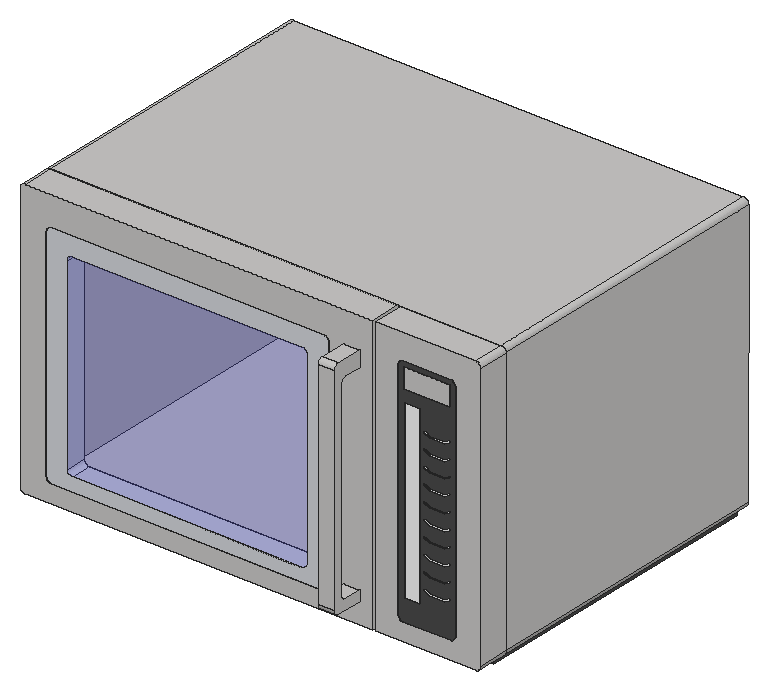
Revit family
Parameters (values of type "RCS10TS")
  Weight in Pounds = 41
  Watts = 1550 W
  Watermarked By = "http://revitwatermark.com"
  Volts = 120 V
  URL Manufacturer = ""
  URL Cutsheet = ""
  URL = "www.acpsolutions.com"
  Status [instance] = ""
  Specification by User [instance] = ""
  Specification by Manufacturer = ""
  Serial Number = ""
  Seismic Rating [instance] = ""
  SMACNA No [instance] = ""
  Revision Code [instance] = ""
  Phase = 1
  Omniclass Number and Title = ""
  Number of Poles [instance] = 1
  NAFEM Spec ID Number = ""
  Model = "RCS10TS"
  Masterspec = ""
  Manufacturer = "Amana"
  Item Number [instance] = "-"
  Installed By [instance] = ""
  Furnished By [instance] = ""
  Foodservice Equipment Identifier [instance] = yes
  FL Amps = 13 A
  Electrical Remarks [instance] = ""
  Electric Connection Type [instance] = ""
  Elec Conn RI Height [instance] = 0' - 0"
  Elec Conn Connection Height = 1' - 1 1/4"
  Description = "Microwave Oven"
  Cycle = 60 Hz
  Conn Plug = "NEMA 5-15"
  CSI MasterFormat = "11 44 16"
  Assembly Code = "E1090320"
  Apparent Power = if(Phase = 3, Volts * FL Amps * 1.73, Volts * FL Amps)  # 1560 VA
Values of the unnamed type that differ from the named types
  Watermarked By = ""
Reference planes (in)
  plane 1 "BACK": y = -1.75
  plane 2: z = 0
  plane 3 "LEFT": x = 0
  plane 4 "RIGHT": x = 22
  plane 5 "FRONT": y = -19.25
  plane 6 "TOP": z = 13.75
  plane 7: z = 0.5
  plane 8: x = 0.5
  plane 9: x = 19.5
  plane 10: z = 13.25
  plane 11: x = 18.75
  plane 12 "Handle": y = -20.75
  plane 13: y = -3.25
  plane 14: x = 15.25
  plane 15: x = 11
  plane 16: z = 9.92969
  plane 17: z = 7.78125
  plane 18 "Front of Box": y = -17.75
  plane 19: z = 15.75
  plane 20: y = -34.47266
Forms (in)
  Extrusion 1, solid, material "QF_Finishes_Stainless Steel"
    sketch origin (0, -19.25, 0) x (1, 0, 0) y (0, 0, 1)
      loop
        arc (0.25, 13.75) -> (0.07322, 13.67678) -> (0, 13.5) r 0.25
        line (0, 13.5) -> (0, 0.75)
        arc (0, 0.75) -> (0.07322, 0.57322) -> (0.25, 0.5) r 0.25
        line (0.25, 0.5) -> (16.85114, 0.5) -> (16.85114, 13.75) -> (0.25, 13.75)
      loop
        line (1.24006, 12.05684) -> (1.24006, 1.62113)
        arc (1.24006, 1.62113) -> (1.31328, 1.44435) -> (1.49006, 1.37113) r 0.25
        line (1.49006, 1.37113) -> (14.5, 1.37113)
        arc (14.5, 1.37113) -> (14.67678, 1.44435) -> (14.75, 1.62113) r 0.25
        line (14.75, 1.62113) -> (14.75, 12.05684)
        arc (14.75, 12.05684) -> (14.67678, 12.23362) -> (14.5, 12.30684) r 0.25
        line (14.5, 12.30684) -> (1.49006, 12.30684)
        arc (1.49006, 12.30684) -> (1.31328, 12.23362) -> (1.24006, 12.05684) r 0.25
      loop
        arc (13.24719, 11.19922) -> (13.17396, 11.376) -> (12.99719, 11.44922) r 0.25
        line (12.99719, 11.44922) -> (2.49719, 11.44922)
        arc (2.49719, 11.44922) -> (2.32041, 11.376) -> (2.24719, 11.19922) r 0.25
        line (2.24719, 11.19922) -> (2.24719, 2.25)
        arc (2.24719, 2.25) -> (2.32041, 2.07322) -> (2.49719, 2) r 0.25
        line (2.49719, 2) -> (12.99719, 2)
        arc (12.99719, 2) -> (13.17396, 2.07322) -> (13.24719, 2.25) r 0.25
        line (13.24719, 2.25) -> (13.24719, 11.19922)
    from 0 to -1.5
  Extrusion 2, solid, material "QF_Finishes_Stainless Steel"
    sketch origin (0, -19.25, 0) x (1, 0, 0) y (0, 0, 1)
      loop
        arc (0.25, 13.75) -> (0.07322, 13.67678) -> (0, 13.5) r 0.25
        line (0, 13.5) -> (0, 0.75)
        arc (0, 0.75) -> (0.07322, 0.57322) -> (0.25, 0.5) r 0.25
        line (0.25, 0.5) -> (21.74723, 0.5)
        arc (21.74723, 0.5) -> (21.92401, 0.57322) -> (21.99723, 0.75) r 0.25
        line (21.99723, 0.75) -> (21.99723, 13.5)
        arc (21.99723, 13.5) -> (21.92401, 13.67678) -> (21.74723, 13.75) r 0.25
        line (21.74723, 13.75) -> (0.25, 13.75)
    from -1.5 to -16
  Extrusion 3, solid, material "QF_Finishes_Stainless Steel"
    sketch origin (0, -19.25, 0) x (1, 0, 0) y (0, 0, 1)
      loop
        line (21.75891, 13.75) -> (17, 13.75) -> (17, 0.5) -> (21.75891, 0.5)
        arc (21.75891, 0.5) -> (21.93568, 0.57322) -> (22.00891, 0.75) r 0.25
        line (22.00891, 0.75) -> (22.00891, 13.5)
        arc (22.00891, 13.5) -> (21.93568, 13.67678) -> (21.75891, 13.75) r 0.25
      loop
        line (20.55577, 12.51528) -> (18.3008, 12.51528)
        arc (18.3008, 12.51528) -> (18.12402, 12.44206) -> (18.0508, 12.26528) r 0.25
        line (18.0508, 12.26528) -> (18.0508, 1.62113)
        arc (18.0508, 1.62113) -> (18.12402, 1.44435) -> (18.3008, 1.37113) r 0.25
        line (18.3008, 1.37113) -> (20.55577, 1.37113)
        arc (20.55577, 1.37113) -> (20.73254, 1.44435) -> (20.80577, 1.62113) r 0.25
        line (20.80577, 1.62113) -> (20.80577, 12.26528)
        arc (20.80577, 12.26528) -> (20.73254, 12.44206) -> (20.55577, 12.51528) r 0.25
    from 0 to -1.5
  Extrusion 4, solid
    sketch origin (0, -19.25, 0) x (1, 0, 0) y (0, 0, 1)
      loop
        arc (1.49006, 12.30684) -> (1.31328, 12.23362) -> (1.24006, 12.05684) r 0.25
        line (1.24006, 12.05684) -> (1.24006, 1.62113)
        arc (1.24006, 1.62113) -> (1.31328, 1.44435) -> (1.49006, 1.37113) r 0.25
        line (1.49006, 1.37113) -> (14.5, 1.37113)
        arc (14.5, 1.37113) -> (14.67678, 1.44435) -> (14.75, 1.62113) r 0.25
        line (14.75, 1.62113) -> (14.75, 12.05684)
        arc (14.75, 12.05684) -> (14.67678, 12.23362) -> (14.5, 12.30684) r 0.25
        line (14.5, 12.30684) -> (1.49006, 12.30684)
      loop
        arc (2.49719, 11.44922) -> (2.32041, 11.376) -> (2.24719, 11.19922) r 0.25
        line (2.24719, 11.19922) -> (2.24719, 2.25)
        arc (2.24719, 2.25) -> (2.32041, 2.07322) -> (2.49719, 2) r 0.25
        line (2.49719, 2) -> (13.4808, 2)
        arc (13.4808, 2) -> (13.65758, 2.07322) -> (13.7308, 2.25) r 0.25
        line (13.7308, 2.25) -> (13.7308, 11.19922)
        arc (13.7308, 11.19922) -> (13.65758, 11.376) -> (13.4808, 11.44922) r 0.25
        line (13.4808, 11.44922) -> (2.49719, 11.44922)
    from 0 to -1
  Extrusion 5, solid, material "QF_Finishes_Black"
    sketch origin (0, -19.25, 0) x (1, 0, 0) y (0, 0, 1)
      loop
        line (1.24006, 12.05684) -> (1.24006, 1.62113)
        arc (1.24006, 1.62113) -> (1.31328, 1.44435) -> (1.49006, 1.37113) r 0.25
        line (1.49006, 1.37113) -> (14.5, 1.37113)
        arc (14.5, 1.37113) -> (14.67678, 1.44435) -> (14.75, 1.62113) r 0.25
        line (14.75, 1.62113) -> (14.75, 12.05684)
        arc (14.75, 12.05684) -> (14.67678, 12.23362) -> (14.5, 12.30684) r 0.25
        line (14.5, 12.30684) -> (1.49006, 12.30684)
        arc (1.49006, 12.30684) -> (1.31328, 12.23362) -> (1.24006, 12.05684) r 0.25
      loop
        line (2.49719, 2) -> (13.4808, 2)
        arc (13.4808, 2) -> (13.65758, 2.07322) -> (13.7308, 2.25) r 0.25
        line (13.7308, 2.25) -> (13.7308, 11.19922)
        arc (13.7308, 11.19922) -> (13.65758, 11.376) -> (13.4808, 11.44922) r 0.25
        line (13.4808, 11.44922) -> (2.49719, 11.44922)
        arc (2.49719, 11.44922) -> (2.32041, 11.376) -> (2.24719, 11.19922) r 0.25
        line (2.24719, 11.19922) -> (2.24719, 2.25)
        arc (2.24719, 2.25) -> (2.32041, 2.07322) -> (2.49719, 2) r 0.25
    from -1 to 0
  Extrusion 6, void
    sketch origin (0, -19.25, 0) x (1, 0, 0) y (0, 0, 1)
      loop
        line (12.99719, 11.44922) -> (2.49719, 11.44922)
        arc (2.49719, 11.44922) -> (2.32041, 11.376) -> (2.24719, 11.19922) r 0.25
        line (2.24719, 11.19922) -> (2.24719, 2.25)
        arc (2.24719, 2.25) -> (2.32041, 2.07322) -> (2.49719, 2) r 0.25
        line (2.49719, 2) -> (12.99719, 2)
        arc (12.99719, 2) -> (13.17396, 2.07322) -> (13.24719, 2.25) r 0.25
        line (13.24719, 2.25) -> (13.24719, 11.19922)
        arc (13.24719, 11.19922) -> (13.17396, 11.376) -> (12.99719, 11.44922) r 0.25
    from 0.75 to -1
  Extrusion 7, solid, material "QF_Finishes_Glass"
    sketch origin (0, -19.25, 0) x (1, 0, 0) y (0, 0, 1)
      loop
        line (2.24719, 11.19922) -> (2.24719, 2.25)
        arc (2.24719, 2.25) -> (2.32041, 2.07322) -> (2.49719, 2) r 0.25
        line (2.49719, 2) -> (13.4808, 2)
        arc (13.4808, 2) -> (13.65758, 2.07322) -> (13.7308, 2.25) r 0.25
        line (13.7308, 2.25) -> (13.7308, 11.19922)
        arc (13.7308, 11.19922) -> (13.65758, 11.376) -> (13.4808, 11.44922) r 0.25
        line (13.4808, 11.44922) -> (2.49719, 11.44922)
        arc (2.49719, 11.44922) -> (2.32041, 11.376) -> (2.24719, 11.19922) r 0.25
    from 0 to -8.20613
  Extrusion 8, solid, material "QF_Finishes_Black"
    sketch origin (0, 0, 0) x (1, 0, 0) y (0, 1, 0)
      loop
        line (0.5, -3.25) -> (0.5, -17.75) -> (21.45015, -17.75) -> (21.45015, -3.25) -> (0.5, -3.25)
    from 0 to 0.5
  Extrusion 9, solid, material "QF_Finishes_Black"
    sketch origin (1.5, -19.25, 1) x (1, 0, 0) y (0, 0, 1)
      loop
        arc (16.8008, 11.51528) -> (16.62402, 11.44206) -> (16.5508, 11.26528) r 0.25
        line (16.5508, 11.26528) -> (16.5508, 0.62113)
        arc (16.5508, 0.62113) -> (16.62402, 0.44435) -> (16.8008, 0.37113) r 0.25
        line (16.8008, 0.37113) -> (19.05577, 0.37113)
        arc (19.05577, 0.37113) -> (19.23254, 0.44435) -> (19.30577, 0.62113) r 0.25
        line (19.30577, 0.62113) -> (19.30577, 11.26528)
        arc (19.30577, 11.26528) -> (19.23254, 11.44206) -> (19.05577, 11.51528) r 0.25
        line (19.05577, 11.51528) -> (16.8008, 11.51528)
      loop
        line (16.86133, 9.75) -> (16.86133, 1.42864) -> (17.61133, 1.42864) -> (17.61133, 9.75) -> (16.86133, 9.75)
      loop
        line (18.79248, 8.67864) -> (19.03953, 8.81755) -> (19.03953, 8.85411) -> (18.97703, 8.85411) -> (18.77611, 8.74114) -> (18.06813, 8.74114) -> (17.86439, 8.85465) -> (17.80189, 8.85465) -> (17.80189, 8.81793) -> (18.05189, 8.67864) -> (18.79248, 8.67864)
      loop
        line (16.82804, 11.30684) -> (16.82804, 10.36023) -> (19.01597, 10.36023) -> (19.01597, 11.30684) -> (16.82804, 11.30684)
      loop
        line (18.79248, 7.92864) -> (19.03953, 8.06755) -> (19.03953, 8.10411) -> (18.97703, 8.10411) -> (18.77611, 7.99114) -> (18.06813, 7.99114) -> (17.86439, 8.10465) -> (17.80189, 8.10465) -> (17.80189, 8.06793) -> (18.05189, 7.92864) -> (18.79248, 7.92864)
      loop
        line (18.79248, 7.17864) -> (19.03953, 7.31755) -> (19.03953, 7.35411) -> (18.97703, 7.35411) -> (18.77611, 7.24114) -> (18.06813, 7.24114) -> (17.86439, 7.35465) -> (17.80189, 7.35465) -> (17.80189, 7.31793) -> (18.05189, 7.17864) -> (18.79248, 7.17864)
      loop
        line (18.79248, 6.42864) -> (19.03953, 6.56755) -> (19.03953, 6.60411) -> (18.97703, 6.60411) -> (18.77611, 6.49114) -> (18.06813, 6.49114) -> (17.86439, 6.60465) -> (17.80189, 6.60465) -> (17.80189, 6.56793) -> (18.05189, 6.42864) -> (18.79248, 6.42864)
      loop
        line (18.79248, 5.6732) -> (19.03953, 5.81211) -> (19.03953, 5.84867) -> (18.97703, 5.84867) -> (18.77611, 5.7357) -> (18.06813, 5.7357) -> (17.86439, 5.84921) -> (17.80189, 5.84921) -> (17.80189, 5.81249) -> (18.05189, 5.6732) -> (18.79248, 5.6732)
      loop
        line (18.79248, 4.9232) -> (19.03953, 5.06211) -> (19.03953, 5.09867) -> (18.97703, 5.09867) -> (18.77611, 4.9857) -> (18.06813, 4.9857) -> (17.86439, 5.09921) -> (17.80189, 5.09921) -> (17.80189, 5.06249) -> (18.05189, 4.9232) -> (18.79248, 4.9232)
      loop
        line (18.79248, 4.1732) -> (19.03953, 4.31211) -> (19.03953, 4.34867) -> (18.97703, 4.34867) -> (18.77611, 4.2357) -> (18.06813, 4.2357) -> (17.86439, 4.34921) -> (17.80189, 4.34921) -> (17.80189, 4.31249) -> (18.05189, 4.1732) -> (18.79248, 4.1732)
      loop
        line (18.79248, 3.4232) -> (19.03953, 3.56211) -> (19.03953, 3.59867) -> (18.97703, 3.59867) -> (18.77611, 3.4857) -> (18.06813, 3.4857) -> (17.86439, 3.59921) -> (17.80189, 3.59921) -> (17.80189, 3.56249) -> (18.05189, 3.4232) -> (18.79248, 3.4232)
      loop
        line (18.79248, 2.6732) -> (19.03953, 2.81211) -> (19.03953, 2.84867) -> (18.97703, 2.84867) -> (18.77611, 2.7357) -> (18.06813, 2.7357) -> (17.86439, 2.84921) -> (17.80189, 2.84921) -> (17.80189, 2.81249) -> (18.05189, 2.6732) -> (18.79248, 2.6732)
      loop
        line (18.79248, 1.9232) -> (19.03953, 2.06211) -> (19.03953, 2.09867) -> (18.97703, 2.09867) -> (18.77611, 1.9857) -> (18.06813, 1.9857) -> (17.86439, 2.09921) -> (17.80189, 2.09921) -> (17.80189, 2.06249) -> (18.05189, 1.9232) -> (18.79248, 1.9232)
    from -0.5 to 0
  Extrusion 10, solid, material "QF_Finishes_Stainless Steel"
    sketch origin (1.25, -19.25, 0) x (1, 0, 0) y (0, 0, 1)
      loop
        line (17.07804, 12.30684) -> (17.07804, 11.36023) -> (19.26597, 11.36023) -> (19.26597, 12.30684) -> (17.07804, 12.30684)
    from -0.5 to 0
  Extrusion 11, solid, material "QF_Finishes_White"
    sketch origin (1.5, -19.25, 1) x (1, 0, 0) y (0, 0, 1)
      loop
        line (17.86439, 8.85465) -> (17.80189, 8.85465) -> (17.80189, 8.81793) -> (18.05189, 8.67864) -> (18.79248, 8.67864) -> (19.03953, 8.81755) -> (19.03953, 8.85411) -> (18.97703, 8.85411) -> (18.77611, 8.74114) -> (18.06813, 8.74114) -> (17.86439, 8.85465)
      loop
        line (17.86439, 8.10465) -> (17.80189, 8.10465) -> (17.80189, 8.06793) -> (18.05189, 7.92864) -> (18.79248, 7.92864) -> (19.03953, 8.06755) -> (19.03953, 8.10411) -> (18.97703, 8.10411) -> (18.77611, 7.99114) -> (18.06813, 7.99114) -> (17.86439, 8.10465)
      loop
        line (17.86439, 7.35465) -> (17.80189, 7.35465) -> (17.80189, 7.31793) -> (18.05189, 7.17864) -> (18.79248, 7.17864) -> (19.03953, 7.31755) -> (19.03953, 7.35411) -> (18.97703, 7.35411) -> (18.77611, 7.24114) -> (18.06813, 7.24114) -> (17.86439, 7.35465)
      loop
        line (17.86439, 6.60465) -> (17.80189, 6.60465) -> (17.80189, 6.56793) -> (18.05189, 6.42864) -> (18.79248, 6.42864) -> (19.03953, 6.56755) -> (19.03953, 6.60411) -> (18.97703, 6.60411) -> (18.77611, 6.49114) -> (18.06813, 6.49114) -> (17.86439, 6.60465)
      loop
        line (17.86439, 5.84921) -> (17.80189, 5.84921) -> (17.80189, 5.81249) -> (18.05189, 5.6732) -> (18.79248, 5.6732) -> (19.03953, 5.81211) -> (19.03953, 5.84867) -> (18.97703, 5.84867) -> (18.77611, 5.7357) -> (18.06813, 5.7357) -> (17.86439, 5.84921)
      loop
        line (17.86439, 5.09921) -> (17.80189, 5.09921) -> (17.80189, 5.06249) -> (18.05189, 4.9232) -> (18.79248, 4.9232) -> (19.03953, 5.06211) -> (19.03953, 5.09867) -> (18.97703, 5.09867) -> (18.77611, 4.9857) -> (18.06813, 4.9857) -> (17.86439, 5.09921)
      loop
        line (17.86439, 4.34921) -> (17.80189, 4.34921) -> (17.80189, 4.31249) -> (18.05189, 4.1732) -> (18.79248, 4.1732) -> (19.03953, 4.31211) -> (19.03953, 4.34867) -> (18.97703, 4.34867) -> (18.77611, 4.2357) -> (18.06813, 4.2357) -> (17.86439, 4.34921)
      loop
        line (17.86439, 3.59921) -> (17.80189, 3.59921) -> (17.80189, 3.56249) -> (18.05189, 3.4232) -> (18.79248, 3.4232) -> (19.03953, 3.56211) -> (19.03953, 3.59867) -> (18.97703, 3.59867) -> (18.77611, 3.4857) -> (18.06813, 3.4857) -> (17.86439, 3.59921)
      loop
        line (17.86439, 2.84921) -> (17.80189, 2.84921) -> (17.80189, 2.81249) -> (18.05189, 2.6732) -> (18.79248, 2.6732) -> (19.03953, 2.81211) -> (19.03953, 2.84867) -> (18.97703, 2.84867) -> (18.77611, 2.7357) -> (18.06813, 2.7357) -> (17.86439, 2.84921)
      loop
        line (17.86439, 2.09921) -> (17.80189, 2.09921) -> (17.80189, 2.06249) -> (18.05189, 1.9232) -> (18.79248, 1.9232) -> (19.03953, 2.06211) -> (19.03953, 2.09867) -> (18.97703, 2.09867) -> (18.77611, 1.9857) -> (18.06813, 1.9857) -> (17.86439, 2.09921)
    from -0.5 to 0
  Extrusion 12, solid, material "QF_Finishes_White"
    sketch origin (1.5, -19.25, 0) x (1, 0, 0) y (0, 0, 1)
      loop
        line (16.86133, 10.75) -> (16.86133, 2.42864) -> (17.61133, 2.42864) -> (17.61133, 10.75) -> (16.86133, 10.75)
    from -1 to 0
  Extrusion 13, solid, material "QF_Finishes_Stainless Steel"
    sketch origin (0.71191, -3.25, 0.03026) x (0, 1, 0) y (0, 0, 1)
      loop
        line (-16, 1.46974) -> (-16, 1.96009) -> (-16.8612, 1.96009)
        arc (-16.8612, 1.96009) -> (-17.03797, 2.03331) -> (-17.1112, 2.21009) r 0.25
        line (-17.1112, 2.21009) -> (-17.1112, 11.24219)
        arc (-17.1112, 11.24219) -> (-17.03797, 11.41896) -> (-16.8612, 11.49219) r 0.25
        line (-16.8612, 11.49219) -> (-16, 11.49219) -> (-16, 12.23794) -> (-17.25, 12.23794)
        arc (-17.25, 12.23794) -> (-17.42678, 12.16472) -> (-17.5, 11.98794) r 0.25
        line (-17.5, 11.98794) -> (-17.5, 1.71974)
        arc (-17.5, 1.71974) -> (-17.42678, 1.54296) -> (-17.25, 1.46974) r 0.25
        line (-17.25, 1.46974) -> (-16, 1.46974)
    from 14.74006 to 15.50698
  Extrusion 14, void
    sketch origin (0, 0, 0) x (1, 0, 0) y (0, 1, 0)
      loop
        line (0.5, -3.75) -> (0.5, -17.75) -> (1.24006, -17.75) -> (1.24006, -18.25) -> (13.75, -18.25) -> (13.75, -17.47505) -> (21.45015, -17.47505) -> (21.45015, -3.75) -> (0.5, -3.75)
    from 0.77926 to 13.27633
  Extrusion 15, void
    sketch origin (0, -1.75, 0) x (1, 0, 0) y (0, 0, 1)
      loop
        line (18.93955, 13.48081) -> (18.56175, 13.48081) -> (18.56175, 13.017) -> (18.93955, 13.017) -> (18.93955, 13.48081)
    from 1.5 to 1.60541
  Extrusion 16, solid
    sketch origin (0, -1.75, 0) x (1, 0, 0) y (0, 0, 1)
      loop
        line (15.25, 9.92969) -> (11, 9.92969) -> (11, 7.78125) -> (15.25, 7.78125) -> (15.25, 9.92969)
    from 0 to 1.5
Cuts and joins
  Extrusion 6, Extrusion 14, Extrusion 15 cuts Extrusion 2
  Extrusion 6, Extrusion 14 cuts Extrusion 1
  Extrusion 6 cuts Extrusion 4
  Extrusion 6 cuts Extrusion 5
  Extrusion 14 cuts Extrusion 3
  Extrusion 14 cuts Extrusion 7
  Extrusion 14 cuts Extrusion 8
Lines and regions (in)
  symbolic lines, style "QF_Clearances"
    curve 1: line (-2, -19.25, 0) -> (-2, -0.69141, 0)
    curve 2: line (-2, -0.69141, 0) -> (24, -0.69141, 0)
    curve 3: line (24, -0.69141, 0) -> (24, -19.25, 0)
    curve 4: line (0, -0.5, 0) -> (0, -0.5, 15.75)
    curve 5: line (0, -0.5, 15.75) -> (0, -19.25, 15.75)
    curve 6: line (-2, -19.25, 0) -> (-2, -19.25, 15.75)
    curve 7: line (24, -19.25, 0) -> (24, -19.25, 15.75)
    curve 8: line (24, -19.25, 15.75) -> (-2, -19.25, 15.75)
    curve 22: line (0, -19.25, 0) -> (0, -34.47266, 0)
    curve 23: arc (0, -34.47266, 0) -> (11.58559, -30.3594, 0) -> (16.85114, -19.25, 0) r 16.03133
  symbolic lines
    curve 9: line (0, -19.25, 0) -> (0, -3.25, 0)
    curve 10: line (0, -3.25, 0) -> (11, -3.25, 0)
    curve 11: line (11, -3.25, 0) -> (11, -1.75, 0)
    curve 12: line (11, -1.75, 0) -> (15.25, -1.75, 0)
    curve 13: line (15.25, -1.75, 0) -> (15.25, -3.25, 0)
    curve 14: line (15.25, -3.25, 0) -> (21.99723, -3.25, 0)
    curve 15: line (21.99723, -3.25, 0) -> (21.99723, -19.25, 0)
    curve 16: line (21.99723, -19.25, 0) -> (16.21889, -19.25, 0)
    curve 17: line (16.21889, -19.25, 0) -> (16.21889, -20.75, 0)
    curve 18: line (16.21889, -20.75, 0) -> (15.45197, -20.75, 0)
    curve 19: line (15.45197, -20.75, 0) -> (15.45197, -19.25, 0)
    curve 20: line (15.45197, -19.25, 0) -> (0, -19.25, 0)
    curve 21: line (0, -17.75, 0) -> (21.99723, -17.75, 0)
Dimensions and locks (in)
  aligned and locked: level to plane 2
Connectors (in)
  electrical at (18.75065, -3.35541, 13.2489)
    settings: on cut or joined group of Extrusion 2, Extrusion 6, Extrusion 14, Extrusion 15, index 1, voltage 0 V, apparent load 0 VA, apparent load phase1 0 VA, apparent load phase2 0 VA, apparent load phase3 0 VA, power factor 1, load classification "Other", number of poles 1, system type 31, power factor state 1, is connector primary yes, connector utility no, sub classification motor no, connector description ""
